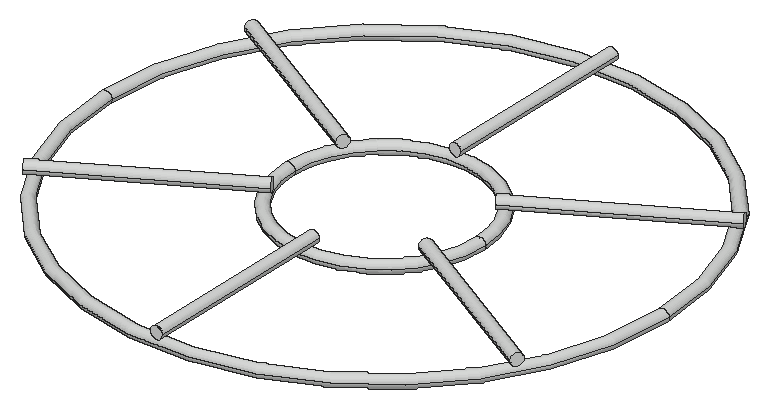
Revit family "ERXLL4G", category 照明器具, Revit 2020
Family settings
  丸型コネクタ寸法 = 直径を使用
  パーツ タイプ = 標準
  作業面ベース = はい
  常に垂直 = いいえ
  ロード時にボイドで切り取り = いいえ
  光源 = いいえ
  共有 = いいえ
  部屋計算ポイント = いいえ
Parameters
  既定の高さ = 1219.2 mm
  仕上色 = ステンレス素地（電解研磨）
  カタログ番号 = "HS000356"
Reference planes
  plane 1 "中心(正面/背面)": y = 0
  plane 2: z = 0
  plane 3 "中心(左/右)": x = 0
  plane 4: z = 5
  plane 5: z = 10
  plane 6: x = -120.25
  plane 7: x = -115.25
  plane 8: x = 120.25
  plane 9: x = 115.25
  plane 10: x = 40.25
  plane 11: x = 117.75
  plane 12: x = 37.75
  plane 13: x = 42.75
  plane 14: z = 2.5
  plane 15: z = 7.5
  plane 16: z = 7.5
  plane 17: z = 7.5
  plane 18: z = 7.5
  plane 19: z = 7.5
  plane 20: z = 7.5
Forms (mm)
  Revolve 1, solid, material "ステンレス素地（電解研磨）" <- "仕上色"
    sketch origin (0, 0, 0) x (1, 0, 0) y (0, 0, 1)
      loop
        circle (40.25, 2.5) r 2.5
      loop
        circle (117.75, 2.5) r 2.5
      axis (0, 2.5) -> (0, 3.5)
    angle from 0 to 360
  Extrusion 2, solid, material "ステンレス素地（電解研磨）" <- "仕上色"
    sketch origin (0, 0, 0) x (1, 0, 0) y (0, 0, 1)
      loop
        circle (0, 7.5) r 2.5
    from -120.25 to -37.5
  Extrusion 3, solid, material "ステンレス素地（電解研磨）" <- "仕上色"
    sketch origin (0, 0, 0) x (0.5, -0.866025, 0) y (0, 0, 1)
      loop
        circle (0, 7.5) r 2.5
    from -120.25 to -37.5
  Extrusion 4, solid, material "ステンレス素地（電解研磨）" <- "仕上色"
    sketch origin (0, 0, 0) x (-0.5, -0.866025, 0) y (0, 0, 1)
      loop
        circle (0, 7.5) r 2.5
    from -120.25 to -37.5
  Extrusion 5, solid, material "ステンレス素地（電解研磨）" <- "仕上色"
    sketch origin (0, 0, 0) x (-1, 0, 0) y (0, 0, 1)
      loop
        circle (0, 7.5) r 2.5
    from -120.25 to -37.5
  Extrusion 6, solid, material "ステンレス素地（電解研磨）" <- "仕上色"
    sketch origin (0, 0, 0) x (-0.5, 0.866025, 0) y (0, 0, 1)
      loop
        circle (0, 7.5) r 2.5
    from -120.25 to -37.5
  Extrusion 7, solid, material "ステンレス素地（電解研磨）" <- "仕上色"
    sketch origin (0, 0, 0) x (0.5, 0.866025, 0) y (0, 0, 1)
      loop
        circle (0, 7.5) r 2.5
    from -120.25 to -37.5
Dimensions and locks
  plane 5 to level = 10 mm
  equal spacing: plane 8, plane 3 "中心(左/右)", plane 6
  plane 8 to plane 6 = 240.5 mm
  plane 7 to plane 6 = 5 mm
  plane 9 to plane 8 = 5 mm
  plane 13 to plane 12 = 5 mm
  equal spacing: plane 13, plane 10, plane 12
  equal spacing: plane 9, plane 11, plane 8
  equal spacing: plane 4, plane 14, level
  aligned and locked: level to plane 2
Automatic sketch dimensions
  Revolve 1 sketch curve to plane 3 "中心(左/右)" = 0 mm
  Revolve 1 sketch curve to plane 10 = 0 mm
  Revolve 1 sketch curve to plane 11 = 0 mm
  Revolve 1 sketch curve to plane 14 = 0 mm  (x2)
  plane 5 to Revolve 1 sketch curve = 10 mm
  Revolve 1 sketch curve to Revolve 1 sketch curve = 5 mm
  Extrusion 2 sketch curve to plane 15 = 0 mm
  Extrusion 3 sketch curve to plane 16 = 0 mm
  Extrusion 4 sketch curve to plane 17 = 0 mm
  Extrusion 5 sketch curve to plane 18 = 0 mm
  Extrusion 6 sketch curve to plane 19 = 0 mm
  Extrusion 7 sketch curve to plane 20 = 0 mm
  Extrusion 2 sketch curve to plane 3 "中心(左/右)" = 0 mm
  Extrusion 5 sketch curve to plane 3 "中心(左/右)" = 0 mm
  radius of Revolve 1 sketch curve = 2.5 mm  (x2)
  radius of Extrusion 2 sketch curve = 2.5 mm
  radius of Extrusion 3 sketch curve = 2.5 mm
  radius of Extrusion 4 sketch curve = 2.5 mm
  radius of Extrusion 5 sketch curve = 2.5 mm
  radius of Extrusion 6 sketch curve = 2.5 mm
  radius of Extrusion 7 sketch curve = 2.5 mm
